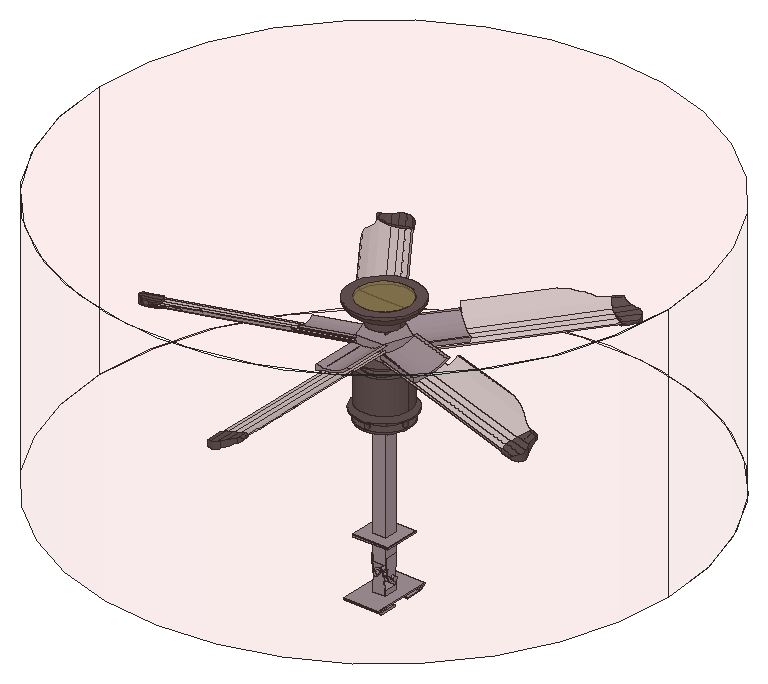
Revit family "HVAC_Mechanical-Ventilation_Envira-North_Altra-Air-Sailfin_Direct-Drive-Fan-w-Light2", category Electrical Fixtures, Revit 2022 (continued)
Definition of nested family "Mount"
  Forms (in)
    Extrusion 4, solid, material <- "Product Material"
      sketch origin (0, 0, 0) x (0, 1, 0) y (0, 0, 1)
        loop
          line (-1.3511, 8.0625) -> (-1.3511, 6.5625) -> (-0.8726, 3.42583)
          arc (-0.8726, 3.42583) -> (0.02329, 2.69452) -> (0.91917, 3.42583) r 0.9144
          line (0.91917, 3.42583) -> (1.39768, 6.5625) -> (1.39768, 8.0625) -> (-1.3511, 8.0625)
      from 1.5 to 1.66421
    Extrusion 5, solid, material <- "Product Material"
      sketch origin (0, 0, 0) x (0, 1, 0) y (0, 0, 1)
        loop
          line (-1.3511, 8.0625) -> (-1.3511, 6.5625) -> (-0.8726, 3.42583)
          arc (-0.8726, 3.42583) -> (0.02329, 2.69452) -> (0.91917, 3.42583) r 0.9144
          line (0.91917, 3.42583) -> (1.39768, 6.5625) -> (1.39768, 8.0625) -> (-1.3511, 8.0625)
      from -1.71079 to -1.52329
    Extrusion 6, solid, material <- "Product Material"
      sketch origin (-0.02354, 0.03099, 0) x (1, 0, 0) y (0, 1, 0)
        loop
          line (-1.49974, 1.4923) -> (-1.49974, -1.53099) -> (1.52354, -1.53099) -> (1.52354, 1.4923) -> (-1.49974, 1.4923)
      from 0.26243 to 1.25
    Extrusion 7, solid, material <- "Product Material"
      sketch origin (0, 0, 0) x (1, 0, 0) y (0, 0, 1)
        loop
          circle (0, 4.75564) r 0.40062
      from -2.3215 to 2.55367
    Extrusion 8, solid, material <- "Product Material"
      sketch origin (0, 0, 0) x (0, 1, 0) y (0, 0, 1)
        loop
          circle (0, 3.56453) r 0.3925
      from -2.34479 to 2.53038
    Extrusion 9, solid, material <- "Product Material"
      sketch origin (0, 0, 0) x (0, 1, 0) y (0, 0, 1)
        loop
          line (6.054, -0.25) -> (5.65625, -0.64775) -> (1.84375, -0.64775) -> (1.84375, -0.88685) -> (5.75529, -0.88685) -> (6.22307, -0.41907) -> (6.054, -0.25)
        loop
          line (-1.84375, -0.88685) -> (-1.84375, -0.64775) -> (-5.65625, -0.64775) -> (-6.054, -0.25) -> (-6.22307, -0.41907) -> (-5.75529, -0.88685) -> (-1.84375, -0.88685)
      from -4.02329 to 3.97671
    Extrusion 10, solid, material <- "Product Material"
      sketch origin (0, 0, 0) x (0, 1, 0) y (0, 0, 1)
        loop
          line (6.45625, 0) -> (4.45625, 0) -> (4.45625, -0.25) -> (6.45625, -0.25) -> (6.45625, 0)
        loop
          line (-4.45625, 0) -> (-6.45625, 0) -> (-6.45625, -0.25) -> (-4.45625, -0.25) -> (-4.45625, 0)
      from -4.02329 to 4
    Extrusion 11, solid, material <- "Product Material", visible <- "z_Wood"
      sketch origin (-0.02354, 0.03099, -4.5) x (1, 0, 0) y (0, 1, 0)
        loop
          line (-3.97646, 6.84401) -> (-3.97646, -6.90599) -> (4.00026, -6.90599) -> (4.00026, 6.84401) -> (-3.97646, 6.84401)
      from 0 to 0.26243
    Extrusion 12, solid, material <- "Product Material", visible <- "z_Wood"
      sketch origin (0, 0, 0) x (1, 0, 0) y (0, 1, 0)
        loop
          circle (-2.76709, 5.16342) r 0.25
        loop
          circle (2.76709, 5.16342) r 0.25
        loop
          circle (-2.76709, -5.16342) r 0.25
        loop
          circle (2.76709, -5.16342) r 0.25
      from -5.12318 to 0.93228
  Cuts and joins
    joined: Extrusion 4, Extrusion 5, Extrusion 8
    joined: Extrusion 2, Extrusion 3, Extrusion 6, Extrusion 7, Extrusion 10
  Dimensions and locks (in)
    locked: plane 4 to plane 2 at 6.5625
    locked: plane 5 to plane 6 at 0.26243
    "z_Wood Mount Height": plane 2 to plane 5
  Automatic sketch dimensions
    Extrusion 1 sketch curve to plane 3 "Center (Left/Right)" = 4.00"
    plane 3 "Center (Left/Right)" to Extrusion 1 sketch curve = 3.97671"
    plane 1 "Center (Front/Back)" to Extrusion 1 sketch curve = 6.875"
    Extrusion 1 sketch curve to plane 1 "Center (Front/Back)" = 6.875"
    Extrusion 2 sketch curve to plane 3 "Center (Left/Right)" = 0.00"
    Extrusion 2 sketch curve to plane 3 "Center (Left/Right)" = 0.89439"
    level to Extrusion 2 sketch curve = 0.25"
    Extrusion 2 sketch curve to plane 3 "Center (Left/Right)" = 1.37439"
    plane 3 "Center (Left/Right)" to Extrusion 2 sketch curve = 0.89439"
    plane 3 "Center (Left/Right)" to Extrusion 2 sketch curve = 1.37439"
    Extrusion 2 sketch curve to Extrusion 2 sketch curve = 1.50"  (x2)
    plane 4 to Extrusion 2 sketch curve = 1.8962"
    Extrusion 2 sketch curve to Extrusion 2 sketch curve = 0.23016"
    Extrusion 3 sketch curve to plane 3 "Center (Left/Right)" = 0.00"
    Extrusion 3 sketch curve to plane 3 "Center (Left/Right)" = 0.89439"
    level to Extrusion 3 sketch curve = 0.25"
    Extrusion 3 sketch curve to plane 3 "Center (Left/Right)" = 1.37439"
    plane 3 "Center (Left/Right)" to Extrusion 3 sketch curve = 0.89439"
    plane 3 "Center (Left/Right)" to Extrusion 3 sketch curve = 1.37439"
    Extrusion 3 sketch curve to Extrusion 3 sketch curve = 1.50"  (x2)
    plane 4 to Extrusion 3 sketch curve = 1.8962"
    Extrusion 3 sketch curve to Extrusion 3 sketch curve = 0.23016"
    plane 4 to Extrusion 4 sketch curve = 0.00"  (x2)
    plane 1 "Center (Front/Back)" to Extrusion 4 sketch curve = 1.3511"
    plane 1 "Center (Front/Back)" to Extrusion 4 sketch curve = 0.8726"
    Extrusion 4 sketch curve to plane 1 "Center (Front/Back)" = 0.02329"
    Extrusion 4 sketch curve to Extrusion 4 sketch curve = 0.89589"
    Extrusion 4 sketch curve to plane 1 "Center (Front/Back)" = 1.39768"
    plane 4 to Extrusion 4 sketch curve = 2.95357"
    Extrusion 4 sketch curve to Extrusion 4 sketch curve = 0.1831"
    Extrusion 4 sketch curve to Extrusion 4 sketch curve = 1.50"
    plane 4 to Extrusion 5 sketch curve = 0.00"  (x2)
    plane 1 "Center (Front/Back)" to Extrusion 5 sketch curve = 1.3511"
    plane 1 "Center (Front/Back)" to Extrusion 5 sketch curve = 0.8726"
    Extrusion 5 sketch curve to plane 1 "Center (Front/Back)" = 0.02329"
    Extrusion 5 sketch curve to Extrusion 5 sketch curve = 0.89589"
    Extrusion 5 sketch curve to plane 1 "Center (Front/Back)" = 1.39768"
    plane 4 to Extrusion 5 sketch curve = 2.95357"
    Extrusion 5 sketch curve to Extrusion 5 sketch curve = 0.1831"
    Extrusion 5 sketch curve to Extrusion 5 sketch curve = 1.50"
    Extrusion 6 sketch curve to plane 3 "Center (Left/Right)" = 1.52329"
    plane 3 "Center (Left/Right)" to Extrusion 6 sketch curve = 1.50"
    plane 1 "Center (Front/Back)" to Extrusion 6 sketch curve = 1.50"
    Extrusion 6 sketch curve to plane 1 "Center (Front/Back)" = 1.52329"
    Extrusion 7 sketch curve to plane 3 "Center (Left/Right)" = 0.00"
    plane 4 to Extrusion 7 sketch curve = 1.80686"
    Extrusion 8 sketch curve to plane 1 "Center (Front/Back)" = 0.00"
    plane 4 to Extrusion 8 sketch curve = 2.99797"
    Extrusion 9 sketch curve to level = 0.41907"
    plane 1 "Center (Front/Back)" to Extrusion 9 sketch curve = 6.22307"
    Extrusion 9 sketch curve to level = 0.25"  (x2)
    Extrusion 9 sketch curve to Extrusion 9 sketch curve = 0.16907"
    Extrusion 9 sketch curve to level = 0.88685"  (x2)
    Extrusion 9 sketch curve to level = 0.64775"  (x2)
    plane 1 "Center (Front/Back)" to Extrusion 9 sketch curve = 1.84375"
    Extrusion 9 sketch curve to plane 1 "Center (Front/Back)" = 1.84375"
    Extrusion 9 sketch curve to Extrusion 9 sketch curve = 3.8125"
    Extrusion 9 sketch curve to Extrusion 9 sketch curve = 0.09904"
    Extrusion 9 sketch curve to Extrusion 9 sketch curve = 0.39775"
    Extrusion 10 sketch curve to level = 0.00"  (x2)
    plane 1 "Center (Front/Back)" to Extrusion 10 sketch curve = 6.45625"
    Extrusion 10 sketch curve to level = 0.25"  (x2)
    Extrusion 10 sketch curve to Extrusion 10 sketch curve = 2.00"  (x2)
    Extrusion 10 sketch curve to plane 1 "Center (Front/Back)" = 4.45625"
    Extrusion 11 sketch curve to plane 3 "Center (Left/Right)" = 4.00"
    plane 3 "Center (Left/Right)" to Extrusion 11 sketch curve = 3.97671"
    plane 1 "Center (Front/Back)" to Extrusion 11 sketch curve = 6.875"
    Extrusion 11 sketch curve to plane 1 "Center (Front/Back)" = 6.875"
    Extrusion 12 sketch curve to plane 3 "Center (Left/Right)" = 2.76709"  (x2)
    plane 3 "Center (Left/Right)" to Extrusion 12 sketch curve = 2.76709"  (x2)
    plane 1 "Center (Front/Back)" to Extrusion 12 sketch curve = 5.16342"  (x2)
    Extrusion 12 sketch curve to plane 1 "Center (Front/Back)" = 5.16342"  (x2)
    radius of Extrusion 7 sketch curve = 0.40062"
    radius of Extrusion 8 sketch curve = 0.3925"
    radius of Extrusion 12 sketch curve = 0.25"  (x4)
Types (6): name | z_Radius | z_Clearence Blades Diameter | z_Blades Length | Weight | Product Page URL | Model | Maximum Velocity | Maximum Effective Diameter | Diameter | Design Ventilation Air Flow | CFEI High Speed
  (no name) | 48.00" | 132.00" | Blade : 08FT | 220.00 lbf | "https://www.enviranorth.com/altra-airsailfinfans-gearless.html" | "EN670X5002" | 433 FPM | 720.00" | 96.00" | 59494 CFM | 0.0026417 (stored number, unit not read)
  EN670X5002 - 8FT | 48.00" | 132.00" | Blade : 08FT | 220.00 lbf | "https://www.enviranorth.com/altra-airsailfinfans-gearless.html" | "EN670X5002" | 433 FPM | 720.00" | 96.00" | 59494 CFM | 1 ft³·h/(min·Btu)
  EN670X5006 - 12FT | 72.00" | 180.00" | Blade : 12FT | 245.00 lbf | "https://www.enviranorth.com/altra-airsailfinfans-gearless.htmll" | "EN670X5006" | 512 FPM | 960.00" | 144.00" | 70424 CFM | 0 ft³·h/(min·Btu)
  EN670X5010 - 16FT | 96.00" | 228.00" | Blade : 16FT | 275.00 lbf | "https://www.enviranorth.com/altra-airsailfinfans-gearless.htmll" | "EN670X5010" | 422 FPM | 1680.00" | 192.00" | 127033 CFM | 1 ft³·h/(min·Btu)
  EN670X5014 - 20FT | 120.00" | 276.00" | Blade : 20FT | 320.00 lbf | "https://www.enviranorth.com/altra-airsailfinfans-gearless.htmll" | "EN670X5014" | 439 FPM | 2400.00" | 240.00" | 176200 CFM | 1 ft³·h/(min·Btu)
  EN670X5016 - 24FT | 144.00" | 324.00" | Blade : 24FT | 347.00 lbf | "https://www.enviranorth.com/altra-airsailfinfans-gearless.htmll" | "EN670X5016" | 497 FPM | 2760.00" | 288.00" | 315026 CFM | 1 ft³·h/(min·Btu)
